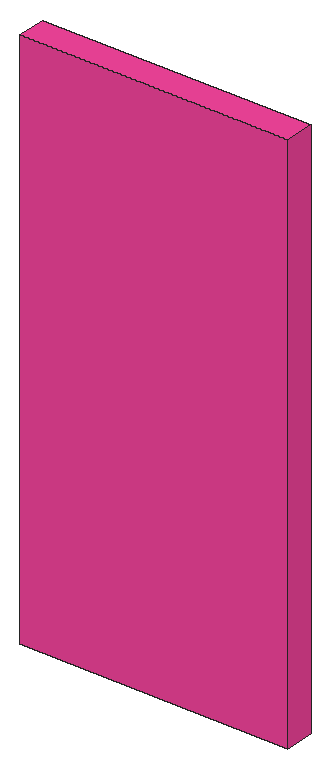
Revit family "EXP_WT-1D_CPan-002", category Curtain Panels, Revit 2021
Family settings
  OmniClass Number = 23.25.20.14.11.11.17
  OmniClass Title = Infill Panels
  Always vertical = Yes
  Cut with Voids When Loaded = No
  Shared = No
Parameters
  UI-UnitNumber [instance] = "001"
  UI-Quadrant [instance] = "SE"
  UI-ProjectAbbreviation = "NEU"
  UI-ItemCategory = "PID"
  UI-FloorNumber [instance] = "03"
  PNT-WallType = "WT1D"
  PNT-ProjectAbbreviation = "NEU"
  PNT-PanelType [instance] = "01"
  PNT-ItemCategory = "PNL"
  GlassH1 [instance] = MP-F(Glass)
  Define Thermal Properties by = Schematic Type
  CellSp = 0' - 10 3/16"
  CellL [instance] = 7' - 10"
  CellHTot [instance] = 15' - 11 1/2"
  CellH1 [instance] = CellH  # 15' - 11 1/2"
  CellH [instance] = 15' - 11 1/2"
  Analytic Construction = "<None>"
Reference planes (in)
  plane 1 "Center (Front/Back)": y = 0
  plane 2: z = 0
  plane 3 "Center (Left/Right)": x = 0
  plane 4 "Left": x = -47
  plane 5 "Right": x = 47
  plane 6 "Top": z = 191.5
  plane 7: y = -10.1875
Forms (in)
  Extrusion 1, solid, material "MP-F(Glass)" <- "GlassH1"
    sketch origin (0, 0, 0) x (0, 1, 0) y (0, 0, 1)
      loop
        line (0, 191.5) -> (-10.1875, 191.5) -> (-10.1875, 0) -> (0, 0) -> (0, 191.5)
    from -47 to 47
Text (in)
  text "Exterior" at (-92.59733, 55.75508, 0), in view "Ref. Level"
  text "Exterior" at (0, 90.18664, 173.49264), in view "Left"
  text "Exterior" at (0, 52.29083, 162.21847), in view "Right"
Dimensions and locks (in)
  equal spacing: plane 4 "Left", plane 3 "Center (Left/Right)", plane 5 "Right"  (x2)
  "CellL": plane 4 "Left" to plane 5 "Right"
  "CellH": plane 2 to plane 6 "Top"
  "CellSp": plane 7 to plane 1 "Center (Front/Back)"
  aligned and locked: level to plane 2
  aligned and locked: Extrusion 1 sketch curve to level
  aligned and locked: Extrusion 1 sketch curve to plane 7
  aligned and locked: Extrusion 1 to plane 5 "Right"
  aligned and locked: plane 4 "Left" to Extrusion 1
  aligned and locked: Extrusion 1 to plane 6 "Top"
  aligned and locked: plane 5 "Right" to nested 1
  aligned and locked: plane 4 "Left" to nested 1
  aligned and locked: Extrusion 1 to plane 2
  aligned and locked: nested 1 to plane 6 "Top"
  aligned and locked: nested 1 to plane 7
Automatic sketch dimensions
  Extrusion 1 sketch curve to plane 1 "Center (Front/Back)" = 0' - 0"
  level to Extrusion 1 sketch curve = 15' - 11 1/2"
Nested families (in)
  nested 1: "EXP_xx_DetO-002" at (0, -10.1875, 0), CellH <- "CellH", CellL <- "CellL", type "EXP_xx_DetO-002", detail levels coarse
    with CellL 7' - 10", CellH 15' - 11 1/2"
Definition of nested family "EXP_xx_DetO-002"
  Parameters (values of type "EXP_xx_DetO-002")
    Default Elevation = 0' - 0"
    CellL [instance] = 5' - 4.56693"
    CellH [instance] = 5' - 2.99213"
  Reference planes (in)
    plane 1 "Center (Front/Back)": y = 0
    plane 2: z = 0
    plane 3 "Center (Left/Right)": x = 0
    plane 4: x = -32.28346
    plane 5: x = 32.28346
    plane 6: z = 62.99213
  Lines and regions (in)
    model lines
      curve 1: line (-32.28346, 0, 62.99213) -> (32.28346, 0, 0)
      curve 2: line (32.28346, 0, 62.99213) -> (-32.28346, 0, 0)
  Dimensions and locks (in)
    "CellH": plane 6 to level
    equal spacing: plane 4, plane 3 "Center (Left/Right)", plane 5
    "CellL": plane 4 to plane 5
    aligned and locked: level to plane 2
  Automatic sketch dimensions
    curve 2 to level = 0' - 0"
    plane 4 to curve 2 = 0' - 0"
    plane 4 to curve 1 = 0' - 0"
    plane 5 to curve 2 = 0' - 0"
    curve 1 to level = 0' - 0"
    plane 5 to curve 1 = 0' - 0"
    curve 2 to plane 6 = 0' - 0"
    curve 1 to plane 6 = 0' - 0"
